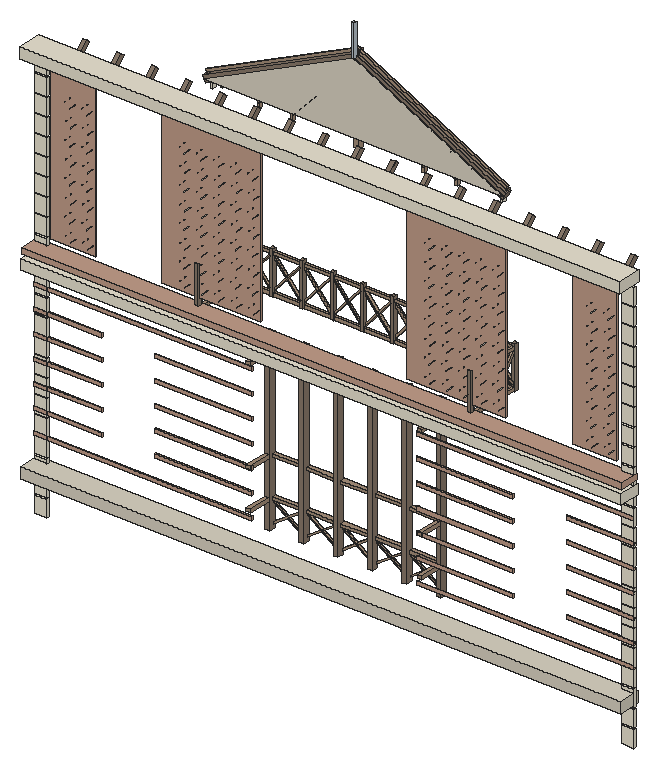
Revit family "AM_Detail_02_Rear_balcony_facade__observed", category Generic Models, Revit 2025 (continued)
Forms (mm)
  Extrusion 493, solid, material "AM Ivory carved stone"
    sketch origin (-3100, 6031, 7765) x (0, 0, -1) y (1, 0, 0)
      loop
        line (0, 0) -> (55, -55) -> (110, 0) -> (55, 55) -> (0, 0)
    from 0 to 9
  Extrusion 494, solid, material "AM Ivory carved stone"
    sketch origin (-3100, 6031, 7985) x (0, 0, -1) y (1, 0, 0)
      loop
        line (0, 0) -> (55, -55) -> (110, 0) -> (55, 55) -> (0, 0)
    from 0 to 9
  Extrusion 495, solid, material "AM Ivory carved stone"
    sketch origin (-3500, 6031, 7985) x (0, 0, -1) y (1, 0, 0)
      loop
        line (0, 0) -> (165, -165) -> (330, 0) -> (165, 165) -> (0, 0)
    from 0 to 9
  Extrusion 496, solid, material "AM Ivory carved stone"
    sketch origin (-3390, 6031, 7875) x (0, 0, -1) y (1, 0, 0)
      loop
        line (0, 0) -> (55, -55) -> (110, 0) -> (55, 55) -> (0, 0)
    from 0 to 9
  Extrusion 497, solid, material "AM Ivory carved stone"
    sketch origin (-3610, 6031, 7875) x (0, 0, -1) y (1, 0, 0)
      loop
        line (0, 0) -> (55, -55) -> (110, 0) -> (55, 55) -> (0, 0)
    from 0 to 9
  Extrusion 498, solid, material "AM Ivory carved stone"
    sketch origin (-3500, 6031, 7765) x (0, 0, -1) y (1, 0, 0)
      loop
        line (0, 0) -> (55, -55) -> (110, 0) -> (55, 55) -> (0, 0)
    from 0 to 9
  Extrusion 499, solid, material "AM Ivory carved stone"
    sketch origin (-3500, 6031, 7985) x (0, 0, -1) y (1, 0, 0)
      loop
        line (0, 0) -> (55, -55) -> (110, 0) -> (55, 55) -> (0, 0)
    from 0 to 9
  Extrusion 500, solid, material "AM Ivory carved stone"
    sketch origin (-1920, 6031, 8385) x (0, 0, -1) y (1, 0, 0)
      loop
        line (0, 0) -> (165, -165) -> (330, 0) -> (165, 165) -> (0, 0)
    from 0 to 9
  Extrusion 501, solid, material "AM Ivory carved stone"
    sketch origin (-1810, 6031, 8275) x (0, 0, -1) y (1, 0, 0)
      loop
        line (0, 0) -> (54.999, -55) -> (110, 0) -> (54.999, 55) -> (0, 0)
    from 0 to 9
  Extrusion 502, solid, material "AM Ivory carved stone"
    sketch origin (-2030, 6031, 8275) x (0, 0, -1) y (1, 0, 0)
      loop
        line (0, 0) -> (54.999, -55) -> (110, 0) -> (54.999, 55) -> (0, 0)
    from 0 to 9
  Extrusion 503, solid, material "AM Ivory carved stone"
    sketch origin (-1920, 6031, 8165) x (0, 0, -1) y (1, 0, 0)
      loop
        line (0, 0) -> (55, -55) -> (110, 0) -> (55, 55) -> (0, 0)
    from 0 to 9
  Extrusion 504, solid, material "AM Ivory carved stone"
    sketch origin (-1920, 6031, 8385) x (0, 0, -1) y (1, 0, 0)
      loop
        line (0, 0) -> (55, -55) -> (110.001, 0) -> (55, 55) -> (0, 0)
    from 0 to 9
  Extrusion 505, solid, material "AM Ivory carved stone"
    sketch origin (-2320, 6031, 8385) x (0, 0, -1) y (1, 0, 0)
      loop
        line (0, 0) -> (165, -165) -> (330, 0) -> (165, 165) -> (0, 0)
    from 0 to 9
  Extrusion 506, solid, material "AM Ivory carved stone"
    sketch origin (-2210, 6031, 8275) x (0, 0, -1) y (1, 0, 0)
      loop
        line (0, 0) -> (54.999, -55) -> (110, 0) -> (54.999, 55) -> (0, 0)
    from 0 to 9
  Extrusion 507, solid, material "AM Ivory carved stone"
    sketch origin (-2430, 6031, 8275) x (0, 0, -1) y (1, 0, 0)
      loop
        line (0, 0) -> (54.999, -55) -> (110, 0) -> (54.999, 55) -> (0, 0)
    from 0 to 9
  Extrusion 508, solid, material "AM Ivory carved stone"
    sketch origin (-2320, 6031, 8165) x (0, 0, -1) y (1, 0, 0)
      loop
        line (0, 0) -> (55, -55) -> (110, 0) -> (55, 55) -> (0, 0)
    from 0 to 9
  Extrusion 509, solid, material "AM Ivory carved stone"
    sketch origin (-2320, 6031, 8385) x (0, 0, -1) y (1, 0, 0)
      loop
        line (0, 0) -> (55, -55) -> (110.001, 0) -> (55, 55) -> (0, 0)
    from 0 to 9
  Extrusion 510, solid, material "AM Ivory carved stone"
    sketch origin (-2720, 6031, 8385) x (0, 0, -1) y (1, 0, 0)
      loop
        line (0, 0) -> (165, -165) -> (330, 0) -> (165, 165) -> (0, 0)
    from 0 to 9
  Extrusion 511, solid, material "AM Ivory carved stone"
    sketch origin (-2610, 6031, 8275) x (0, 0, -1) y (1, 0, 0)
      loop
        line (0, 0) -> (54.999, -55) -> (110, 0) -> (54.999, 55) -> (0, 0)
    from 0 to 9
  Extrusion 512, solid, material "AM Ivory carved stone"
    sketch origin (-2830, 6031, 8275) x (0, 0, -1) y (1, 0, 0)
      loop
        line (0, 0) -> (54.999, -55) -> (110, 0) -> (54.999, 55) -> (0, 0)
    from 0 to 9
  Extrusion 513, solid, material "AM Ivory carved stone"
    sketch origin (-2720, 6031, 8165) x (0, 0, -1) y (1, 0, 0)
      loop
        line (0, 0) -> (55, -55) -> (110, 0) -> (55, 55) -> (0, 0)
    from 0 to 9
  Extrusion 514, solid, material "AM Ivory carved stone"
    sketch origin (-2720, 6031, 8385) x (0, 0, -1) y (1, 0, 0)
      loop
        line (0, 0) -> (55, -55) -> (110.001, 0) -> (55, 55) -> (0, 0)
    from 0 to 9
  Extrusion 515, solid, material "AM Ivory carved stone"
    sketch origin (-3120, 6031, 8385) x (0, 0, -1) y (1, 0, 0)
      loop
        line (0, 0) -> (165, -165) -> (330, 0) -> (165, 165) -> (0, 0)
    from 0 to 9
  Extrusion 516, solid, material "AM Ivory carved stone"
    sketch origin (-3010, 6031, 8275) x (0, 0, -1) y (1, 0, 0)
      loop
        line (0, 0) -> (54.999, -55) -> (110, 0) -> (54.999, 55) -> (0, 0)
    from 0 to 9
  Extrusion 517, solid, material "AM Ivory carved stone"
    sketch origin (-3230, 6031, 8275) x (0, 0, -1) y (1, 0, 0)
      loop
        line (0, 0) -> (54.999, -55) -> (110, 0) -> (54.999, 55) -> (0, 0)
    from 0 to 9
  Extrusion 518, solid, material "AM Ivory carved stone"
    sketch origin (-3120, 6031, 8165) x (0, 0, -1) y (1, 0, 0)
      loop
        line (0, 0) -> (55, -55) -> (110, 0) -> (55, 55) -> (0, 0)
    from 0 to 9
  Extrusion 519, solid, material "AM Ivory carved stone"
    sketch origin (-3120, 6031, 8385) x (0, 0, -1) y (1, 0, 0)
      loop
        line (0, 0) -> (55, -55) -> (110.001, 0) -> (55, 55) -> (0, 0)
    from 0 to 9
  Extrusion 520, solid, material "AM Ivory carved stone"
    sketch origin (-3520, 6031, 8385) x (0, 0, -1) y (1, 0, 0)
      loop
        line (0, 0) -> (165, -165) -> (330, 0) -> (165, 165) -> (0, 0)
    from 0 to 9
  Extrusion 521, solid, material "AM Ivory carved stone"
    sketch origin (-3410, 6031, 8275) x (0, 0, -1) y (1, 0, 0)
      loop
        line (0, 0) -> (54.999, -55) -> (110, 0) -> (54.999, 55) -> (0, 0)
    from 0 to 9
  Extrusion 522, solid, material "AM Ivory carved stone"
    sketch origin (-3630, 6031, 8275) x (0, 0, -1) y (1, 0, 0)
      loop
        line (0, 0) -> (54.999, -55) -> (110, 0) -> (54.999, 55) -> (0, 0)
    from 0 to 9
  Extrusion 523, solid, material "AM Ivory carved stone"
    sketch origin (-3520, 6031, 8165) x (0, 0, -1) y (1, 0, 0)
      loop
        line (0, 0) -> (55, -55) -> (110, 0) -> (55, 55) -> (0, 0)
    from 0 to 9
  Extrusion 524, solid, material "AM Ivory carved stone"
    sketch origin (-3520, 6031, 8385) x (0, 0, -1) y (1, 0, 0)
      loop
        line (0, 0) -> (55, -55) -> (110.001, 0) -> (55, 55) -> (0, 0)
    from 0 to 9
  Extrusion 525, solid, material "AM Ivory carved stone"
    sketch origin (-1900, 6031, 8785) x (0, 0, -1) y (1, 0, 0)
      loop
        line (0, 0) -> (165, -165) -> (330, 0) -> (165, 165) -> (0, 0)
    from 0 to 9
  Extrusion 526, solid, material "AM Ivory carved stone"
    sketch origin (-1790, 6031, 8675) x (0, 0, -1) y (1, 0, 0)
      loop
        line (0, 0) -> (55, -55) -> (110.001, 0) -> (55, 55) -> (0, 0)
    from 0 to 9
  Extrusion 527, solid, material "AM Ivory carved stone"
    sketch origin (-2010, 6031, 8675) x (0, 0, -1) y (1, 0, 0)
      loop
        line (0, 0) -> (55, -55) -> (110.001, 0) -> (55, 55) -> (0, 0)
    from 0 to 9
  Extrusion 528, solid, material "AM Ivory carved stone"
    sketch origin (-1900, 6031, 8565) x (0, 0, -1) y (1, 0, 0)
      loop
        line (0, 0) -> (54.999, -55) -> (110, 0) -> (54.999, 55) -> (0, 0)
    from 0 to 9
  Extrusion 529, solid, material "AM Ivory carved stone"
    sketch origin (-1900, 6031, 8785) x (0, 0, -1) y (1, 0, 0)
      loop
        line (0, 0) -> (55, -55) -> (110, 0) -> (55, 55) -> (0, 0)
    from 0 to 9
  Extrusion 530, solid, material "AM Ivory carved stone"
    sketch origin (-2300, 6031, 8785) x (0, 0, -1) y (1, 0, 0)
      loop
        line (0, 0) -> (165, -165) -> (330, 0) -> (165, 165) -> (0, 0)
    from 0 to 9
  Extrusion 531, solid, material "AM Ivory carved stone"
    sketch origin (-2190, 6031, 8675) x (0, 0, -1) y (1, 0, 0)
      loop
        line (0, 0) -> (55, -55) -> (110.001, 0) -> (55, 55) -> (0, 0)
    from 0 to 9
  Extrusion 532, solid, material "AM Ivory carved stone"
    sketch origin (-2410, 6031, 8675) x (0, 0, -1) y (1, 0, 0)
      loop
        line (0, 0) -> (55, -55) -> (110.001, 0) -> (55, 55) -> (0, 0)
    from 0 to 9
  Extrusion 533, solid, material "AM Ivory carved stone"
    sketch origin (-2300, 6031, 8565) x (0, 0, -1) y (1, 0, 0)
      loop
        line (0, 0) -> (54.999, -55) -> (110, 0) -> (54.999, 55) -> (0, 0)
    from 0 to 9
  Extrusion 534, solid, material "AM Ivory carved stone"
    sketch origin (-2300, 6031, 8785) x (0, 0, -1) y (1, 0, 0)
      loop
        line (0, 0) -> (55, -55) -> (110, 0) -> (55, 55) -> (0, 0)
    from 0 to 9
  Extrusion 535, solid, material "AM Ivory carved stone"
    sketch origin (-2700, 6031, 8785) x (0, 0, -1) y (1, 0, 0)
      loop
        line (0, 0) -> (165, -165) -> (330, 0) -> (165, 165) -> (0, 0)
    from 0 to 9
  Extrusion 536, solid, material "AM Ivory carved stone"
    sketch origin (-2590, 6031, 8675) x (0, 0, -1) y (1, 0, 0)
      loop
        line (0, 0) -> (55, -55) -> (110.001, 0) -> (55, 55) -> (0, 0)
    from 0 to 9
  Extrusion 537, solid, material "AM Ivory carved stone"
    sketch origin (-2810, 6031, 8675) x (0, 0, -1) y (1, 0, 0)
      loop
        line (0, 0) -> (55, -55) -> (110.001, 0) -> (55, 55) -> (0, 0)
    from 0 to 9
  Extrusion 538, solid, material "AM Ivory carved stone"
    sketch origin (-2700, 6031, 8565) x (0, 0, -1) y (1, 0, 0)
      loop
        line (0, 0) -> (54.999, -55) -> (110, 0) -> (54.999, 55) -> (0, 0)
    from 0 to 9
  Extrusion 539, solid, material "AM Ivory carved stone"
    sketch origin (-2700, 6031, 8785) x (0, 0, -1) y (1, 0, 0)
      loop
        line (0, 0) -> (55, -55) -> (110, 0) -> (55, 55) -> (0, 0)
    from 0 to 9
  Extrusion 540, solid, material "AM Ivory carved stone"
    sketch origin (-3100, 6031, 8785) x (0, 0, -1) y (1, 0, 0)
      loop
        line (0, 0) -> (165, -165) -> (330, 0) -> (165, 165) -> (0, 0)
    from 0 to 9
  Extrusion 541, solid, material "AM Ivory carved stone"
    sketch origin (-2990, 6031, 8675) x (0, 0, -1) y (1, 0, 0)
      loop
        line (0, 0) -> (55, -55) -> (110.001, 0) -> (55, 55) -> (0, 0)
    from 0 to 9
  Extrusion 542, solid, material "AM Ivory carved stone"
    sketch origin (-3210, 6031, 8675) x (0, 0, -1) y (1, 0, 0)
      loop
        line (0, 0) -> (55, -55) -> (110.001, 0) -> (55, 55) -> (0, 0)
    from 0 to 9
  Extrusion 543, solid, material "AM Ivory carved stone"
    sketch origin (-3100, 6031, 8565) x (0, 0, -1) y (1, 0, 0)
      loop
        line (0, 0) -> (54.999, -55) -> (110, 0) -> (54.999, 55) -> (0, 0)
    from 0 to 9
  Extrusion 544, solid, material "AM Ivory carved stone"
    sketch origin (-3100, 6031, 8785) x (0, 0, -1) y (1, 0, 0)
      loop
        line (0, 0) -> (55, -55) -> (110, 0) -> (55, 55) -> (0, 0)
    from 0 to 9
  Extrusion 545, solid, material "AM Ivory carved stone"
    sketch origin (-3500, 6031, 8785) x (0, 0, -1) y (1, 0, 0)
      loop
        line (0, 0) -> (165, -165) -> (330, 0) -> (165, 165) -> (0, 0)
    from 0 to 9
  Extrusion 546, solid, material "AM Ivory carved stone"
    sketch origin (-3390, 6031, 8675) x (0, 0, -1) y (1, 0, 0)
      loop
        line (0, 0) -> (55, -55) -> (110.001, 0) -> (55, 55) -> (0, 0)
    from 0 to 9
  Extrusion 547, solid, material "AM Ivory carved stone"
    sketch origin (-3610, 6031, 8675) x (0, 0, -1) y (1, 0, 0)
      loop
        line (0, 0) -> (55, -55) -> (110.001, 0) -> (55, 55) -> (0, 0)
    from 0 to 9
  Extrusion 548, solid, material "AM Ivory carved stone"
    sketch origin (-3500, 6031, 8565) x (0, 0, -1) y (1, 0, 0)
      loop
        line (0, 0) -> (54.999, -55) -> (110, 0) -> (54.999, 55) -> (0, 0)
    from 0 to 9
  Extrusion 549, solid, material "AM Ivory carved stone"
    sketch origin (-3500, 6031, 8785) x (0, 0, -1) y (1, 0, 0)
      loop
        line (0, 0) -> (55, -55) -> (110, 0) -> (55, 55) -> (0, 0)
    from 0 to 9
  Extrusion 550, solid, material "AM Ivory carved stone"
    sketch origin (-1920, 6031, 9185) x (0, 0, -1) y (1, 0, 0)
      loop
        line (0, 0) -> (165, -165) -> (330.001, 0) -> (165, 165) -> (0, 0)
    from 0 to 9
  Extrusion 551, solid, material "AM Ivory carved stone"
    sketch origin (-1810, 6031, 9075) x (0, 0, -1) y (1, 0, 0)
      loop
        line (0, 0) -> (54.999, -55) -> (110, 0) -> (54.999, 55) -> (0, 0)
    from 0 to 9
  Extrusion 552, solid, material "AM Ivory carved stone"
    sketch origin (-2030, 6031, 9075) x (0, 0, -1) y (1, 0, 0)
      loop
        line (0, 0) -> (54.999, -55) -> (110, 0) -> (54.999, 55) -> (0, 0)
    from 0 to 9
  Extrusion 553, solid, material "AM Ivory carved stone"
    sketch origin (-1920, 6031, 8965) x (0, 0, -1) y (1, 0, 0)
      loop
        line (0, 0) -> (55, -55) -> (110.001, 0) -> (55, 55) -> (0, 0)
    from 0 to 9
  Extrusion 554, solid, material "AM Ivory carved stone"
    sketch origin (-1920, 6031, 9185) x (0, 0, -1) y (1, 0, 0)
      loop
        line (0, 0) -> (55, -55) -> (110.001, 0) -> (55, 55) -> (0, 0)
    from 0 to 9
  Extrusion 555, solid, material "AM Ivory carved stone"
    sketch origin (-2320, 6031, 9185) x (0, 0, -1) y (1, 0, 0)
      loop
        line (0, 0) -> (165, -165) -> (330.001, 0) -> (165, 165) -> (0, 0)
    from 0 to 9
  Extrusion 556, solid, material "AM Ivory carved stone"
    sketch origin (-2210, 6031, 9075) x (0, 0, -1) y (1, 0, 0)
      loop
        line (0, 0) -> (54.999, -55) -> (110, 0) -> (54.999, 55) -> (0, 0)
    from 0 to 9
  Extrusion 557, solid, material "AM Ivory carved stone"
    sketch origin (-2430, 6031, 9075) x (0, 0, -1) y (1, 0, 0)
      loop
        line (0, 0) -> (54.999, -55) -> (110, 0) -> (54.999, 55) -> (0, 0)
    from 0 to 9
  Extrusion 558, solid, material "AM Ivory carved stone"
    sketch origin (-2320, 6031, 8965) x (0, 0, -1) y (1, 0, 0)
      loop
        line (0, 0) -> (55, -55) -> (110.001, 0) -> (55, 55) -> (0, 0)
    from 0 to 9
  Extrusion 559, solid, material "AM Ivory carved stone"
    sketch origin (-2320, 6031, 9185) x (0, 0, -1) y (1, 0, 0)
      loop
        line (0, 0) -> (55, -55) -> (110.001, 0) -> (55, 55) -> (0, 0)
    from 0 to 9
  Extrusion 560, solid, material "AM Ivory carved stone"
    sketch origin (-2720, 6031, 9185) x (0, 0, -1) y (1, 0, 0)
      loop
        line (0, 0) -> (165, -165) -> (330.001, 0) -> (165, 165) -> (0, 0)
    from 0 to 9
  Extrusion 561, solid, material "AM Ivory carved stone"
    sketch origin (-2610, 6031, 9075) x (0, 0, -1) y (1, 0, 0)
      loop
        line (0, 0) -> (54.999, -55) -> (110, 0) -> (54.999, 55) -> (0, 0)
    from 0 to 9
  Extrusion 562, solid, material "AM Ivory carved stone"
    sketch origin (-2830, 6031, 9075) x (0, 0, -1) y (1, 0, 0)
      loop
        line (0, 0) -> (54.999, -55) -> (110, 0) -> (54.999, 55) -> (0, 0)
    from 0 to 9
  Extrusion 563, solid, material "AM Ivory carved stone"
    sketch origin (-2720, 6031, 8965) x (0, 0, -1) y (1, 0, 0)
      loop
        line (0, 0) -> (55, -55) -> (110.001, 0) -> (55, 55) -> (0, 0)
    from 0 to 9
  Extrusion 564, solid, material "AM Ivory carved stone"
    sketch origin (-2720, 6031, 9185) x (0, 0, -1) y (1, 0, 0)
      loop
        line (0, 0) -> (55, -55) -> (110.001, 0) -> (55, 55) -> (0, 0)
    from 0 to 9
  Extrusion 565, solid, material "AM Ivory carved stone"
    sketch origin (-3120, 6031, 9185) x (0, 0, -1) y (1, 0, 0)
      loop
        line (0, 0) -> (165, -165) -> (330.001, 0) -> (165, 165) -> (0, 0)
    from 0 to 9
  Extrusion 566, solid, material "AM Ivory carved stone"
    sketch origin (-3010, 6031, 9075) x (0, 0, -1) y (1, 0, 0)
      loop
        line (0, 0) -> (54.999, -55) -> (110, 0) -> (54.999, 55) -> (0, 0)
    from 0 to 9
  Extrusion 567, solid, material "AM Ivory carved stone"
    sketch origin (-3230, 6031, 9075) x (0, 0, -1) y (1, 0, 0)
      loop
        line (0, 0) -> (54.999, -55) -> (110, 0) -> (54.999, 55) -> (0, 0)
    from 0 to 9
  Extrusion 568, solid, material "AM Ivory carved stone"
    sketch origin (-3120, 6031, 8965) x (0, 0, -1) y (1, 0, 0)
      loop
        line (0, 0) -> (55, -55) -> (110.001, 0) -> (55, 55) -> (0, 0)
    from 0 to 9
  Extrusion 569, solid, material "AM Ivory carved stone"
    sketch origin (-3120, 6031, 9185) x (0, 0, -1) y (1, 0, 0)
      loop
        line (0, 0) -> (55, -55) -> (110.001, 0) -> (55, 55) -> (0, 0)
    from 0 to 9
  Extrusion 570, solid, material "AM Ivory carved stone"
    sketch origin (-3520, 6031, 9185) x (0, 0, -1) y (1, 0, 0)
      loop
        line (0, 0) -> (165, -165) -> (330.001, 0) -> (165, 165) -> (0, 0)
    from 0 to 9
  Extrusion 571, solid, material "AM Ivory carved stone"
    sketch origin (-3410, 6031, 9075) x (0, 0, -1) y (1, 0, 0)
      loop
        line (0, 0) -> (54.999, -55) -> (110, 0) -> (54.999, 55) -> (0, 0)
    from 0 to 9
  Extrusion 572, solid, material "AM Ivory carved stone"
    sketch origin (-3630, 6031, 9075) x (0, 0, -1) y (1, 0, 0)
      loop
        line (0, 0) -> (54.999, -55) -> (110, 0) -> (54.999, 55) -> (0, 0)
    from 0 to 9
  Extrusion 573, solid, material "AM Ivory carved stone"
    sketch origin (-3520, 6031, 8965) x (0, 0, -1) y (1, 0, 0)
      loop
        line (0, 0) -> (55, -55) -> (110.001, 0) -> (55, 55) -> (0, 0)
    from 0 to 9
  Extrusion 574, solid, material "AM Ivory carved stone"
    sketch origin (-3520, 6031, 9185) x (0, 0, -1) y (1, 0, 0)
      loop
        line (0, 0) -> (55, -55) -> (110.001, 0) -> (55, 55) -> (0, 0)
    from 0 to 9
  Extrusion 575, solid, material "AM Faded terracotta masonry"
    sketch origin (-5570, 6022.5, 6000) x (1, 0, 0) y (0, 1, 0)
      loop
        line (0, 0) -> (-1030, 0) -> (-1030, -25) -> (0, -25) -> (0, 0)
    from 0 to 3550
  Extrusion 576, solid, material "AM Ivory carved stone"
    sketch origin (-5770, 6031, 6385) x (0, 0, -1) y (1, 0, 0)
      loop
        line (0, 0) -> (165, -165) -> (330, 0) -> (165, 165) -> (0, 0)
    from 0 to 9
  Extrusion 577, solid, material "AM Ivory carved stone"
    sketch origin (-5660, 6031, 6275) x (0, 0, -1) y (1, 0, 0)
      loop
        line (0, 0) -> (55, -55) -> (110, 0) -> (55, 55) -> (0, 0)
    from 0 to 9
  Extrusion 578, solid, material "AM Ivory carved stone"
    sketch origin (-5880, 6031, 6275) x (0, 0, -1) y (1, 0, 0)
      loop
        line (0, 0) -> (55, -55) -> (110, 0) -> (55, 55) -> (0, 0)
    from 0 to 9
  Extrusion 579, solid, material "AM Ivory carved stone"
    sketch origin (-5770, 6031, 6165) x (0, 0, -1) y (1, 0, 0)
      loop
        line (0, 0) -> (55, -55) -> (110, 0) -> (55, 55) -> (0, 0)
    from 0 to 9
  Extrusion 580, solid, material "AM Ivory carved stone"
    sketch origin (-5770, 6031, 6385) x (0, 0, -1) y (1, 0, 0)
      loop
        line (0, 0) -> (55, -55) -> (110, 0) -> (55, 55) -> (0, 0)
    from 0 to 9
  Extrusion 581, solid, material "AM Ivory carved stone"
    sketch origin (-6170, 6031, 6385) x (0, 0, -1) y (1, 0, 0)
      loop
        line (0, 0) -> (165, -165) -> (330, 0) -> (165, 165) -> (0, 0)
    from 0 to 9
  Extrusion 582, solid, material "AM Ivory carved stone"
    sketch origin (-6060, 6031, 6275) x (0, 0, -1) y (1, 0, 0)
      loop
        line (0, 0) -> (55, -55) -> (110, 0) -> (55, 55) -> (0, 0)
    from 0 to 9
  Extrusion 583, solid, material "AM Ivory carved stone"
    sketch origin (-6280, 6031, 6275) x (0, 0, -1) y (1, 0, 0)
      loop
        line (0, 0) -> (55, -55) -> (110, 0) -> (55, 55) -> (0, 0)
    from 0 to 9
  Extrusion 584, solid, material "AM Ivory carved stone"
    sketch origin (-6170, 6031, 6165) x (0, 0, -1) y (1, 0, 0)
      loop
        line (0, 0) -> (55, -55) -> (110, 0) -> (55, 55) -> (0, 0)
    from 0 to 9
  Extrusion 585, solid, material "AM Ivory carved stone"
    sketch origin (-6170, 6031, 6385) x (0, 0, -1) y (1, 0, 0)
      loop
        line (0, 0) -> (55, -55) -> (110, 0) -> (55, 55) -> (0, 0)
    from 0 to 9
  Extrusion 586, solid, material "AM Ivory carved stone"
    sketch origin (-5790, 6031, 6785) x (0, 0, -1) y (1, 0, 0)
      loop
        line (0, 0) -> (165, -165) -> (330, 0) -> (165, 165) -> (0, 0)
    from 0 to 9
  Extrusion 587, solid, material "AM Ivory carved stone"
    sketch origin (-5680, 6031, 6675) x (0, 0, -1) y (1, 0, 0)
      loop
        line (0, 0) -> (55, -55) -> (110, 0) -> (55, 55) -> (0, 0)
    from 0 to 9
  Extrusion 588, solid, material "AM Ivory carved stone"
    sketch origin (-5900, 6031, 6675) x (0, 0, -1) y (1, 0, 0)
      loop
        line (0, 0) -> (55, -55) -> (110, 0) -> (55, 55) -> (0, 0)
    from 0 to 9
  Extrusion 589, solid, material "AM Ivory carved stone"
    sketch origin (-5790, 6031, 6565) x (0, 0, -1) y (1, 0, 0)
      loop
        line (0, 0) -> (55, -55) -> (110, 0) -> (55, 55) -> (0, 0)
    from 0 to 9
  Extrusion 590, solid, material "AM Ivory carved stone"
    sketch origin (-5790, 6031, 6785) x (0, 0, -1) y (1, 0, 0)
      loop
        line (0, 0) -> (55, -55) -> (110, 0) -> (55, 55) -> (0, 0)
    from 0 to 9
  Extrusion 591, solid, material "AM Ivory carved stone"
    sketch origin (-6190, 6031, 6785) x (0, 0, -1) y (1, 0, 0)
      loop
        line (0, 0) -> (165, -165) -> (330, 0) -> (165, 165) -> (0, 0)
    from 0 to 9
  Extrusion 592, solid, material "AM Ivory carved stone"
    sketch origin (-6080, 6031, 6675) x (0, 0, -1) y (1, 0, 0)
      loop
        line (0, 0) -> (55, -55) -> (110, 0) -> (55, 55) -> (0, 0)
    from 0 to 9
  Extrusion 593, solid, material "AM Ivory carved stone"
    sketch origin (-6300, 6031, 6675) x (0, 0, -1) y (1, 0, 0)
      loop
        line (0, 0) -> (55, -55) -> (110, 0) -> (55, 55) -> (0, 0)
    from 0 to 9
  Extrusion 594, solid, material "AM Ivory carved stone"
    sketch origin (-6190, 6031, 6565) x (0, 0, -1) y (1, 0, 0)
      loop
        line (0, 0) -> (55, -55) -> (110, 0) -> (55, 55) -> (0, 0)
    from 0 to 9
  Extrusion 595, solid, material "AM Ivory carved stone"
    sketch origin (-6190, 6031, 6785) x (0, 0, -1) y (1, 0, 0)
      loop
        line (0, 0) -> (55, -55) -> (110, 0) -> (55, 55) -> (0, 0)
    from 0 to 9
  Extrusion 596, solid, material "AM Ivory carved stone"
    sketch origin (-5770, 6031, 7185) x (0, 0, -1) y (1, 0, 0)
      loop
        line (0, 0) -> (165, -165) -> (330, 0) -> (165, 165) -> (0, 0)
    from 0 to 9
  Extrusion 597, solid, material "AM Ivory carved stone"
    sketch origin (-5660, 6031, 7075) x (0, 0, -1) y (1, 0, 0)
      loop
        line (0, 0) -> (55, -55) -> (110, 0) -> (55, 55) -> (0, 0)
    from 0 to 9
  Extrusion 598, solid, material "AM Ivory carved stone"
    sketch origin (-5880, 6031, 7075) x (0, 0, -1) y (1, 0, 0)
      loop
        line (0, 0) -> (55, -55) -> (110, 0) -> (55, 55) -> (0, 0)
    from 0 to 9
  Extrusion 599, solid, material "AM Ivory carved stone"
    sketch origin (-5770, 6031, 6965) x (0, 0, -1) y (1, 0, 0)
      loop
        line (0, 0) -> (55, -55) -> (110, 0) -> (55, 55) -> (0, 0)
    from 0 to 9
  Extrusion 600, solid, material "AM Ivory carved stone"
    sketch origin (-5770, 6031, 7185) x (0, 0, -1) y (1, 0, 0)
      loop
        line (0, 0) -> (55, -55) -> (110, 0) -> (55, 55) -> (0, 0)
    from 0 to 9
  Extrusion 601, solid, material "AM Ivory carved stone"
    sketch origin (-6170, 6031, 7185) x (0, 0, -1) y (1, 0, 0)
      loop
        line (0, 0) -> (165, -165) -> (330, 0) -> (165, 165) -> (0, 0)
    from 0 to 9
  Extrusion 602, solid, material "AM Ivory carved stone"
    sketch origin (-6060, 6031, 7075) x (0, 0, -1) y (1, 0, 0)
      loop
        line (0, 0) -> (55, -55) -> (110, 0) -> (55, 55) -> (0, 0)
    from 0 to 9
  Extrusion 603, solid, material "AM Ivory carved stone"
    sketch origin (-6280, 6031, 7075) x (0, 0, -1) y (1, 0, 0)
      loop
        line (0, 0) -> (55, -55) -> (110, 0) -> (55, 55) -> (0, 0)
    from 0 to 9
  Extrusion 604, solid, material "AM Ivory carved stone"
    sketch origin (-6170, 6031, 6965) x (0, 0, -1) y (1, 0, 0)
      loop
        line (0, 0) -> (55, -55) -> (110, 0) -> (55, 55) -> (0, 0)
    from 0 to 9
  Extrusion 605, solid, material "AM Ivory carved stone"
    sketch origin (-6170, 6031, 7185) x (0, 0, -1) y (1, 0, 0)
      loop
        line (0, 0) -> (55, -55) -> (110, 0) -> (55, 55) -> (0, 0)
    from 0 to 9
  Extrusion 606, solid, material "AM Ivory carved stone"
    sketch origin (-5790, 6031, 7585) x (0, 0, -1) y (1, 0, 0)
      loop
        line (0, 0) -> (165, -165) -> (330, 0) -> (165, 165) -> (0, 0)
    from 0 to 9
  Extrusion 607, solid, material "AM Ivory carved stone"
    sketch origin (-5680, 6031, 7475) x (0, 0, -1) y (1, 0, 0)
      loop
        line (0, 0) -> (55, -55) -> (110, 0) -> (55, 55) -> (0, 0)
    from 0 to 9
  Extrusion 608, solid, material "AM Ivory carved stone"
    sketch origin (-5900, 6031, 7475) x (0, 0, -1) y (1, 0, 0)
      loop
        line (0, 0) -> (55, -55) -> (110, 0) -> (55, 55) -> (0, 0)
    from 0 to 9
  Extrusion 609, solid, material "AM Ivory carved stone"
    sketch origin (-5790, 6031, 7365) x (0, 0, -1) y (1, 0, 0)
      loop
        line (0, 0) -> (55, -55) -> (110, 0) -> (55, 55) -> (0, 0)
    from 0 to 9
  Extrusion 610, solid, material "AM Ivory carved stone"
    sketch origin (-5790, 6031, 7585) x (0, 0, -1) y (1, 0, 0)
      loop
        line (0, 0) -> (55, -55) -> (110, 0) -> (55, 55) -> (0, 0)
    from 0 to 9
  Extrusion 611, solid, material "AM Ivory carved stone"
    sketch origin (-6190, 6031, 7585) x (0, 0, -1) y (1, 0, 0)
      loop
        line (0, 0) -> (165, -165) -> (330, 0) -> (165, 165) -> (0, 0)
    from 0 to 9
  Extrusion 612, solid, material "AM Ivory carved stone"
    sketch origin (-6080, 6031, 7475) x (0, 0, -1) y (1, 0, 0)
      loop
        line (0, 0) -> (55, -55) -> (110, 0) -> (55, 55) -> (0, 0)
    from 0 to 9
  Extrusion 613, solid, material "AM Ivory carved stone"
    sketch origin (-6300, 6031, 7475) x (0, 0, -1) y (1, 0, 0)
      loop
        line (0, 0) -> (55, -55) -> (110, 0) -> (55, 55) -> (0, 0)
    from 0 to 9
  Extrusion 614, solid, material "AM Ivory carved stone"
    sketch origin (-6190, 6031, 7365) x (0, 0, -1) y (1, 0, 0)
      loop
        line (0, 0) -> (55, -55) -> (110, 0) -> (55, 55) -> (0, 0)
    from 0 to 9
  Extrusion 615, solid, material "AM Ivory carved stone"
    sketch origin (-6190, 6031, 7585) x (0, 0, -1) y (1, 0, 0)
      loop
        line (0, 0) -> (55, -55) -> (110, 0) -> (55, 55) -> (0, 0)
    from 0 to 9
  Extrusion 616, solid, material "AM Ivory carved stone"
    sketch origin (-5770, 6031, 7985) x (0, 0, -1) y (1, 0, 0)
      loop
        line (0, 0) -> (165, -165) -> (330, 0) -> (165, 165) -> (0, 0)
    from 0 to 9
  Extrusion 617, solid, material "AM Ivory carved stone"
    sketch origin (-5660, 6031, 7875) x (0, 0, -1) y (1, 0, 0)
      loop
        line (0, 0) -> (55, -55) -> (110, 0) -> (55, 55) -> (0, 0)
    from 0 to 9
  Extrusion 618, solid, material "AM Ivory carved stone"
    sketch origin (-5880, 6031, 7875) x (0, 0, -1) y (1, 0, 0)
      loop
        line (0, 0) -> (55, -55) -> (110, 0) -> (55, 55) -> (0, 0)
    from 0 to 9
  Extrusion 619, solid, material "AM Ivory carved stone"
    sketch origin (-5770, 6031, 7765) x (0, 0, -1) y (1, 0, 0)
      loop
        line (0, 0) -> (55, -55) -> (110, 0) -> (55, 55) -> (0, 0)
    from 0 to 9
  Extrusion 620, solid, material "AM Ivory carved stone"
    sketch origin (-5770, 6031, 7985) x (0, 0, -1) y (1, 0, 0)
      loop
        line (0, 0) -> (55, -55) -> (110, 0) -> (55, 55) -> (0, 0)
    from 0 to 9
  Extrusion 621, solid, material "AM Ivory carved stone"
    sketch origin (-6170, 6031, 7985) x (0, 0, -1) y (1, 0, 0)
      loop
        line (0, 0) -> (165, -165) -> (330, 0) -> (165, 165) -> (0, 0)
    from 0 to 9
  Extrusion 622, solid, material "AM Ivory carved stone"
    sketch origin (-6060, 6031, 7875) x (0, 0, -1) y (1, 0, 0)
      loop
        line (0, 0) -> (55, -55) -> (110, 0) -> (55, 55) -> (0, 0)
    from 0 to 9
  Extrusion 623, solid, material "AM Ivory carved stone"
    sketch origin (-6280, 6031, 7875) x (0, 0, -1) y (1, 0, 0)
      loop
        line (0, 0) -> (55, -55) -> (110, 0) -> (55, 55) -> (0, 0)
    from 0 to 9
  Extrusion 624, solid, material "AM Ivory carved stone"
    sketch origin (-6170, 6031, 7765) x (0, 0, -1) y (1, 0, 0)
      loop
        line (0, 0) -> (55, -55) -> (110, 0) -> (55, 55) -> (0, 0)
    from 0 to 9
  Extrusion 625, solid, material "AM Ivory carved stone"
    sketch origin (-6170, 6031, 7985) x (0, 0, -1) y (1, 0, 0)
      loop
        line (0, 0) -> (55, -55) -> (110, 0) -> (55, 55) -> (0, 0)
    from 0 to 9
  Extrusion 626, solid, material "AM Ivory carved stone"
    sketch origin (-5790, 6031, 8385) x (0, 0, -1) y (1, 0, 0)
      loop
        line (0, 0) -> (165, -165) -> (330, 0) -> (165, 165) -> (0, 0)
    from 0 to 9
  Extrusion 627, solid, material "AM Ivory carved stone"
    sketch origin (-5680, 6031, 8275) x (0, 0, -1) y (1, 0, 0)
      loop
        line (0, 0) -> (54.999, -55) -> (110, 0) -> (54.999, 55) -> (0, 0)
    from 0 to 9
  Extrusion 628, solid, material "AM Ivory carved stone"
    sketch origin (-5900, 6031, 8275) x (0, 0, -1) y (1, 0, 0)
      loop
        line (0, 0) -> (54.999, -55) -> (110, 0) -> (54.999, 55) -> (0, 0)
    from 0 to 9
  Extrusion 629, solid, material "AM Ivory carved stone"
    sketch origin (-5790, 6031, 8165) x (0, 0, -1) y (1, 0, 0)
      loop
        line (0, 0) -> (55, -55) -> (110, 0) -> (55, 55) -> (0, 0)
    from 0 to 9
  Extrusion 630, solid, material "AM Ivory carved stone"
    sketch origin (-5790, 6031, 8385) x (0, 0, -1) y (1, 0, 0)
      loop
        line (0, 0) -> (55, -55) -> (110.001, 0) -> (55, 55) -> (0, 0)
    from 0 to 9
  Extrusion 631, solid, material "AM Ivory carved stone"
    sketch origin (-6190, 6031, 8385) x (0, 0, -1) y (1, 0, 0)
      loop
        line (0, 0) -> (165, -165) -> (330, 0) -> (165, 165) -> (0, 0)
    from 0 to 9
  Extrusion 632, solid, material "AM Ivory carved stone"
    sketch origin (-6080, 6031, 8275) x (0, 0, -1) y (1, 0, 0)
      loop
        line (0, 0) -> (54.999, -55) -> (110, 0) -> (54.999, 55) -> (0, 0)
    from 0 to 9
  Extrusion 633, solid, material "AM Ivory carved stone"
    sketch origin (-6300, 6031, 8275) x (0, 0, -1) y (1, 0, 0)
      loop
        line (0, 0) -> (54.999, -55) -> (110, 0) -> (54.999, 55) -> (0, 0)
    from 0 to 9
  Extrusion 634, solid, material "AM Ivory carved stone"
    sketch origin (-6190, 6031, 8165) x (0, 0, -1) y (1, 0, 0)
      loop
        line (0, 0) -> (55, -55) -> (110, 0) -> (55, 55) -> (0, 0)
    from 0 to 9
  Extrusion 635, solid, material "AM Ivory carved stone"
    sketch origin (-6190, 6031, 8385) x (0, 0, -1) y (1, 0, 0)
      loop
        line (0, 0) -> (55, -55) -> (110.001, 0) -> (55, 55) -> (0, 0)
    from 0 to 9
  Extrusion 636, solid, material "AM Ivory carved stone"
    sketch origin (-5770, 6031, 8785) x (0, 0, -1) y (1, 0, 0)
      loop
        line (0, 0) -> (165, -165) -> (330, 0) -> (165, 165) -> (0, 0)
    from 0 to 9
  Extrusion 637, solid, material "AM Ivory carved stone"
    sketch origin (-5660, 6031, 8675) x (0, 0, -1) y (1, 0, 0)
      loop
        line (0, 0) -> (55, -55) -> (110.001, 0) -> (55, 55) -> (0, 0)
    from 0 to 9
  Extrusion 638, solid, material "AM Ivory carved stone"
    sketch origin (-5880, 6031, 8675) x (0, 0, -1) y (1, 0, 0)
      loop
        line (0, 0) -> (55, -55) -> (110.001, 0) -> (55, 55) -> (0, 0)
    from 0 to 9
  Extrusion 639, solid, material "AM Ivory carved stone"
    sketch origin (-5770, 6031, 8565) x (0, 0, -1) y (1, 0, 0)
      loop
        line (0, 0) -> (54.999, -55) -> (110, 0) -> (54.999, 55) -> (0, 0)
    from 0 to 9
  Extrusion 640, solid, material "AM Ivory carved stone"
    sketch origin (-5770, 6031, 8785) x (0, 0, -1) y (1, 0, 0)
      loop
        line (0, 0) -> (55, -55) -> (110, 0) -> (55, 55) -> (0, 0)
    from 0 to 9
  Extrusion 641, solid, material "AM Ivory carved stone"
    sketch origin (-6170, 6031, 8785) x (0, 0, -1) y (1, 0, 0)
      loop
        line (0, 0) -> (165, -165) -> (330, 0) -> (165, 165) -> (0, 0)
    from 0 to 9
  Extrusion 642, solid, material "AM Ivory carved stone"
    sketch origin (-6060, 6031, 8675) x (0, 0, -1) y (1, 0, 0)
      loop
        line (0, 0) -> (55, -55) -> (110.001, 0) -> (55, 55) -> (0, 0)
    from 0 to 9
  Extrusion 643, solid, material "AM Ivory carved stone"
    sketch origin (-6280, 6031, 8675) x (0, 0, -1) y (1, 0, 0)
      loop
        line (0, 0) -> (55, -55) -> (110.001, 0) -> (55, 55) -> (0, 0)
    from 0 to 9
  Extrusion 644, solid, material "AM Ivory carved stone"
    sketch origin (-6170, 6031, 8565) x (0, 0, -1) y (1, 0, 0)
      loop
        line (0, 0) -> (54.999, -55) -> (110, 0) -> (54.999, 55) -> (0, 0)
    from 0 to 9
  Extrusion 645, solid, material "AM Ivory carved stone"
    sketch origin (-6170, 6031, 8785) x (0, 0, -1) y (1, 0, 0)
      loop
        line (0, 0) -> (55, -55) -> (110, 0) -> (55, 55) -> (0, 0)
    from 0 to 9
  Extrusion 646, solid, material "AM Ivory carved stone"
    sketch origin (-5790, 6031, 9185) x (0, 0, -1) y (1, 0, 0)
      loop
        line (0, 0) -> (165, -165) -> (330.001, 0) -> (165, 165) -> (0, 0)
    from 0 to 9
  Extrusion 647, solid, material "AM Ivory carved stone"
    sketch origin (-5680, 6031, 9075) x (0, 0, -1) y (1, 0, 0)
      loop
        line (0, 0) -> (54.999, -55) -> (110, 0) -> (54.999, 55) -> (0, 0)
    from 0 to 9
  Extrusion 648, solid, material "AM Ivory carved stone"
    sketch origin (-5900, 6031, 9075) x (0, 0, -1) y (1, 0, 0)
      loop
        line (0, 0) -> (54.999, -55) -> (110, 0) -> (54.999, 55) -> (0, 0)
    from 0 to 9
  Extrusion 649, solid, material "AM Ivory carved stone"
    sketch origin (-5790, 6031, 8965) x (0, 0, -1) y (1, 0, 0)
      loop
        line (0, 0) -> (55, -55) -> (110.001, 0) -> (55, 55) -> (0, 0)
    from 0 to 9
  Extrusion 650, solid, material "AM Ivory carved stone"
    sketch origin (-5790, 6031, 9185) x (0, 0, -1) y (1, 0, 0)
      loop
        line (0, 0) -> (55, -55) -> (110.001, 0) -> (55, 55) -> (0, 0)
    from 0 to 9
  Extrusion 651, solid, material "AM Ivory carved stone"
    sketch origin (-6190, 6031, 9185) x (0, 0, -1) y (1, 0, 0)
      loop
        line (0, 0) -> (165, -165) -> (330.001, 0) -> (165, 165) -> (0, 0)
    from 0 to 9
  Extrusion 652, solid, material "AM Ivory carved stone"
    sketch origin (-6080, 6031, 9075) x (0, 0, -1) y (1, 0, 0)
      loop
        line (0, 0) -> (54.999, -55) -> (110, 0) -> (54.999, 55) -> (0, 0)
    from 0 to 9
  Extrusion 653, solid, material "AM Ivory carved stone"
    sketch origin (-6300, 6031, 9075) x (0, 0, -1) y (1, 0, 0)
      loop
        line (0, 0) -> (54.999, -55) -> (110, 0) -> (54.999, 55) -> (0, 0)
    from 0 to 9
  Extrusion 654, solid, material "AM Ivory carved stone"
    sketch origin (-6190, 6031, 8965) x (0, 0, -1) y (1, 0, 0)
      loop
        line (0, 0) -> (55, -55) -> (110.001, 0) -> (55, 55) -> (0, 0)
    from 0 to 9
  Extrusion 655, solid, material "AM Ivory carved stone"
    sketch origin (-6190, 6031, 9185) x (0, 0, -1) y (1, 0, 0)
      loop
        line (0, 0) -> (55, -55) -> (110.001, 0) -> (55, 55) -> (0, 0)
    from 0 to 9
  Extrusion 656, solid, material "AM Carved warm timber"
    sketch origin (3180, 7332.5, 5717.5) x (0, -1, 0) y (0, 0, 1)
      loop
        line (0, 0) -> (65, 0) -> (65, 65) -> (0, 65) -> (0, 0)
    from 0 to 6360
  Extrusion 657, solid, material "AM Carved warm timber"
    sketch origin (3180, 7332.5, 6577.5) x (0, -1, 0) y (0, 0, 1)
      loop
        line (0, 0) -> (65, 0) -> (65, 65) -> (0, 65) -> (0, 0)
    from 0 to 6360
  Extrusion 658, solid, material "AM Aged chestnut timber"
    sketch origin (3215, 7335, 5700) x (1, 0, 0) y (0, 1, 0)
      loop
        line (0, 0) -> (-70, 0) -> (-70, -70) -> (0, -70) -> (0, 0)
    from 0 to 1000
  Extrusion 659, solid, material "AM Aged chestnut timber"
    sketch origin (2508.333, 7335, 5700) x (1, 0, 0) y (0, 1, 0)
      loop
        line (0, 0) -> (-70, 0) -> (-70, -70) -> (0, -70) -> (0, 0)
    from 0 to 1000
  Extrusion 660, solid, material "AM Aged chestnut timber"
    sketch origin (1801.667, 7335, 5700) x (1, 0, 0) y (0, 1, 0)
      loop
        line (0, 0) -> (-70, 0) -> (-70, -70) -> (0, -70) -> (0, 0)
    from 0 to 1000
  Extrusion 661, solid, material "AM Aged chestnut timber"
    sketch origin (1095, 7335, 5700) x (1, 0, 0) y (0, 1, 0)
      loop
        line (0, 0) -> (-70, 0) -> (-70, -70) -> (0, -70) -> (0, 0)
    from 0 to 1000
  Extrusion 662, solid, material "AM Aged chestnut timber"
    sketch origin (388.333, 7335, 5700) x (1, 0, 0) y (0, 1, 0)
      loop
        line (0, 0) -> (-70, 0) -> (-70, -70) -> (0, -70) -> (0, 0)
    from 0 to 1000
  Extrusion 663, solid, material "AM Aged chestnut timber"
    sketch origin (-318.333, 7335, 5700) x (1, 0, 0) y (0, 1, 0)
      loop
        line (0, 0) -> (-70, 0) -> (-70, -70) -> (0, -70) -> (0, 0)
    from 0 to 1000
  Extrusion 664, solid, material "AM Aged chestnut timber"
    sketch origin (-1025, 7335, 5700) x (1, 0, 0) y (0, 1, 0)
      loop
        line (0, 0) -> (-70, 0) -> (-70, -70) -> (0, -70) -> (0, 0)
    from 0 to 1000
  Extrusion 665, solid, material "AM Aged chestnut timber"
    sketch origin (-1731.667, 7335, 5700) x (1, 0, 0) y (0, 1, 0)
      loop
        line (0, 0) -> (-70, 0) -> (-70, -70) -> (0, -70) -> (0, 0)
    from 0 to 1000
  Extrusion 666, solid, material "AM Aged chestnut timber"
    sketch origin (-2438.333, 7335, 5700) x (1, 0, 0) y (0, 1, 0)
      loop
        line (0, 0) -> (-70, 0) -> (-70, -70) -> (0, -70) -> (0, 0)
    from 0 to 1000
  Extrusion 667, solid, material "AM Aged chestnut timber"
    sketch origin (-3145, 7335, 5700) x (1, 0, 0) y (0, 1, 0)
      loop
        line (0, 0) -> (-70, 0) -> (-70, -70) -> (0, -70) -> (0, 0)
    from 0 to 1000
  Extrusion 668, solid, material "AM Carved warm timber"
    sketch origin (3125.669, 7319, 5817.526) x (0.7543, 0, 0.65653) y (0, 1, 0)
      loop
        line (0, 0) -> (0, -38) -> (38, -38) -> (38, 0) -> (0, 0)
    from 0 to 954.522
  Extrusion 669, solid, material "AM Carved warm timber"
    sketch origin (3154.332, 7319, 6537.526) x (0.754303, 0, -0.656527) y (0, -1, 0)
      loop
        line (0, 0) -> (0, 38) -> (-38, 38) -> (-38, 0) -> (0, 0)
    from 0 to 954.522
  Extrusion 670, solid, material "AM Carved warm timber"
    sketch origin (2419.002, 7319, 5817.526) x (0.7543, 0, 0.65653) y (0, 1, 0)
      loop
        line (0, 0) -> (0, -38) -> (38, -38) -> (38, 0) -> (0, 0)
    from 0 to 954.522
  Extrusion 671, solid, material "AM Carved warm timber"
    sketch origin (2447.665, 7319, 6537.526) x (0.754303, 0, -0.656527) y (0, -1, 0)
      loop
        line (0, 0) -> (0, 38) -> (-38, 38) -> (-38, 0) -> (0, 0)
    from 0 to 954.522
  Extrusion 672, solid, material "AM Carved warm timber"
    sketch origin (1712.335, 7319, 5817.526) x (0.754303, 0, 0.656527) y (0, 1, 0)
      loop
        line (0, 0) -> (0, -38) -> (38, -38) -> (38, 0) -> (0, 0)
    from 0 to 954.522
  Extrusion 673, solid, material "AM Carved warm timber"
    sketch origin (1740.999, 7319, 6537.526) x (0.754302, 0, -0.656528) y (0, -1, 0)
      loop
        line (0, 0) -> (0, 38) -> (-38, 38) -> (-38, 0) -> (0, 0)
    from 0 to 954.522
  Extrusion 674, solid, material "AM Carved warm timber"
    sketch origin (1005.668, 7319, 5817.526) x (0.754303, 0, 0.656527) y (0, 1, 0)
      loop
        line (0, 0) -> (0, -38) -> (38, -38) -> (38, 0) -> (0, 0)
    from 0 to 954.522
  Extrusion 675, solid, material "AM Carved warm timber"
    sketch origin (1034.332, 7319, 6537.526) x (0.754303, 0, -0.656527) y (0, -1, 0)
      loop
        line (0, 0) -> (0, 38) -> (-38, 38) -> (-38, 0) -> (0, 0)
    from 0 to 954.522
  Extrusion 676, solid, material "AM Carved warm timber"
    sketch origin (299.002, 7319, 5817.526) x (0.754302, 0, 0.656527) y (0, 1, 0)
      loop
        line (0, 0) -> (0, -38) -> (38, -38) -> (38, 0) -> (0, 0)
    from 0 to 954.522
  Extrusion 677, solid, material "AM Carved warm timber"
    sketch origin (327.665, 7319, 6537.526) x (0.754302, 0, -0.656527) y (0, -1, 0)
      loop
        line (0, 0) -> (0, 38) -> (-38, 38) -> (-38, 0) -> (0, 0)
    from 0 to 954.522
  Extrusion 678, solid, material "AM Carved warm timber"
    sketch origin (-407.665, 7319, 5817.526) x (0.754302, 0, 0.656527) y (0, 1, 0)
      loop
        line (0, 0) -> (0, -38) -> (38, -38) -> (38, 0) -> (0, 0)
    from 0 to 954.522
  Extrusion 679, solid, material "AM Carved warm timber"
    sketch origin (-379.002, 7319, 6537.526) x (0.754302, 0, -0.656527) y (0, -1, 0)
      loop
        line (0, 0) -> (0, 38) -> (-38, 38) -> (-38, 0) -> (0, 0)
    from 0 to 954.522
  Extrusion 680, solid, material "AM Carved warm timber"
    sketch origin (-1114.332, 7319, 5817.526) x (0.754303, 0, 0.656527) y (0, 1, 0)
      loop
        line (0, 0) -> (0, -38) -> (38, -38) -> (38, 0) -> (0, 0)
    from 0 to 954.522
  Extrusion 681, solid, material "AM Carved warm timber"
    sketch origin (-1085.668, 7319, 6537.526) x (0.754302, 0, -0.656528) y (0, -1, 0)
      loop
        line (0, 0) -> (0, 38) -> (-38, 38) -> (-38, 0) -> (0, 0)
    from 0 to 954.522
  Extrusion 682, solid, material "AM Carved warm timber"
    sketch origin (-1820.998, 7319, 5817.526) x (0.754303, 0, 0.656527) y (0, 1, 0)
      loop
        line (0, 0) -> (0, -38) -> (38, -38) -> (38, 0) -> (0, 0)
    from 0 to 954.522
  Extrusion 683, solid, material "AM Carved warm timber"
    sketch origin (-1792.335, 7319, 6537.526) x (0.754303, 0, -0.656527) y (0, -1, 0)
      loop
        line (0, 0) -> (0, 38) -> (-38, 38) -> (-38, 0) -> (0, 0)
    from 0 to 954.522
  Extrusion 684, solid, material "AM Carved warm timber"
    sketch origin (-2527.665, 7319, 5817.526) x (0.7543, 0, 0.65653) y (0, 1, 0)
      loop
        line (0, 0) -> (0, -38) -> (38, -38) -> (38, 0) -> (0, 0)
    from 0 to 954.522
  Extrusion 685, solid, material "AM Carved warm timber"
    sketch origin (-2499.002, 7319, 6537.526) x (0.754303, 0, -0.656527) y (0, -1, 0)
      loop
        line (0, 0) -> (0, 38) -> (-38, 38) -> (-38, 0) -> (0, 0)
    from 0 to 954.522
  Extrusion 686, solid, material "AM Carved warm timber"
    sketch origin (3212.5, 6000, 5717.5) x (0, 0, 1) y (1, 0, 0)
      loop
        line (0, 0) -> (0, -65) -> (65, -65) -> (65, 0) -> (0, 0)
    from 0 to 1300
  Extrusion 687, solid, material "AM Carved warm timber"
    sketch origin (3212.5, 6000, 6577.5) x (0, 0, 1) y (1, 0, 0)
      loop
        line (0, 0) -> (0, -65) -> (65, -65) -> (65, 0) -> (0, 0)
    from 0 to 1300
  Extrusion 688, solid, material "AM Aged chestnut timber"
    sketch origin (3215, 6035, 5700) x (1, 0, 0) y (0, 1, 0)
      loop
        line (0, 0) -> (-70, 0) -> (-70, -70) -> (0, -70) -> (0, 0)
    from 0 to 1000
  Extrusion 689, solid, material "AM Aged chestnut timber"
    sketch origin (3215, 6685, 5700) x (1, 0, 0) y (0, 1, 0)
      loop
        line (0, 0) -> (-70, 0) -> (-70, -70) -> (0, -70) -> (0, 0)
    from 0 to 1000
  Extrusion 690, solid, material "AM Aged chestnut timber"
    sketch origin (3215, 7335, 5700) x (1, 0, 0) y (0, 1, 0)
      loop
        line (0, 0) -> (-70, 0) -> (-70, -70) -> (0, -70) -> (0, 0)
    from 0 to 1000
  Extrusion 691, solid, material "AM Carved warm timber"
    sketch origin (3199, 6054.897, 5818.207) x (1, 0, 0) y (0, 0.784051, -0.620696)
      loop
        line (0, 0) -> (-38, 0) -> (-38, -38) -> (0, -38) -> (0, 0)
    from 0 to 918.314
  Extrusion 692, solid, material "AM Carved warm timber"
    sketch origin (3199, 6025.103, 6538.207) x (1, 0, 0) y (0, -0.784045, -0.620704)
      loop
        line (0, 0) -> (-38, 0) -> (-38, -38) -> (0, -38) -> (0, 0)
    from 0 to 918.314
  Extrusion 693, solid, material "AM Carved warm timber"
    sketch origin (3199, 6704.897, 5818.207) x (1, 0, 0) y (0, 0.784051, -0.620696)
      loop
        line (0, 0) -> (-38, 0) -> (-38, -38) -> (0, -38) -> (0, 0)
    from 0 to 918.314
  Extrusion 694, solid, material "AM Carved warm timber"
    sketch origin (3199, 6675.103, 6538.207) x (1, 0, 0) y (0, -0.784045, -0.620704)
      loop
        line (0, 0) -> (-38, 0) -> (-38, -38) -> (0, -38) -> (0, 0)
    from 0 to 918.314
  Extrusion 695, solid, material "AM Carved warm timber"
    sketch origin (-3147.5, 6000, 5717.5) x (0, 0, 1) y (1, 0, 0)
      loop
        line (0, 0) -> (0, -65) -> (65, -65) -> (65, 0) -> (0, 0)
    from 0 to 1300
  Extrusion 696, solid, material "AM Carved warm timber"
    sketch origin (-3147.5, 6000, 6577.5) x (0, 0, 1) y (1, 0, 0)
      loop
        line (0, 0) -> (0, -65) -> (65, -65) -> (65, 0) -> (0, 0)
    from 0 to 1300
  Extrusion 697, solid, material "AM Aged chestnut timber"
    sketch origin (-3145, 6035, 5700) x (1, 0, 0) y (0, 1, 0)
      loop
        line (0, 0) -> (-70, 0) -> (-70, -70) -> (0, -70) -> (0, 0)
    from 0 to 1000
  Extrusion 698, solid, material "AM Aged chestnut timber"
    sketch origin (-3145, 6685, 5700) x (1, 0, 0) y (0, 1, 0)
      loop
        line (0, 0) -> (-70, 0) -> (-70, -70) -> (0, -70) -> (0, 0)
    from 0 to 1000
  Extrusion 699, solid, material "AM Aged chestnut timber"
    sketch origin (-3145, 7335, 5700) x (1, 0, 0) y (0, 1, 0)
      loop
        line (0, 0) -> (-70, 0) -> (-70, -70) -> (0, -70) -> (0, 0)
    from 0 to 1000
  Extrusion 700, solid, material "AM Carved warm timber"
    sketch origin (-3161, 6054.897, 5818.207) x (1, 0, 0) y (0, 0.784051, -0.620696)
      loop
        line (0, 0) -> (-38, 0) -> (-38, -38) -> (0, -38) -> (0, 0)
    from 0 to 918.314
  Extrusion 701, solid, material "AM Carved warm timber"
    sketch origin (-3161, 6025.103, 6538.207) x (1, 0, 0) y (0, -0.784045, -0.620704)
      loop
        line (0, 0) -> (-38, 0) -> (-38, -38) -> (0, -38) -> (0, 0)
    from 0 to 918.314
  Extrusion 702, solid, material "AM Carved warm timber"
    sketch origin (-3161, 6704.897, 5818.207) x (1, 0, 0) y (0, 0.784051, -0.620696)
      loop
        line (0, 0) -> (-38, 0) -> (-38, -38) -> (0, -38) -> (0, 0)
    from 0 to 918.314
  Extrusion 703, solid, material "AM Carved warm timber"
    sketch origin (-3161, 6675.103, 6538.207) x (1, 0, 0) y (0, -0.784045, -0.620704)
      loop
        line (0, 0) -> (-38, 0) -> (-38, -38) -> (0, -38) -> (0, 0)
    from 0 to 918.314
  Extrusion 704, solid, material "AM Carved warm timber"
    sketch origin (2000, 6715, 1917.5) x (1, 0, 0) y (0, 1, 0)
      loop
        line (0, 0) -> (-800, 0) -> (-800, -100) -> (0, -100) -> (0, 0)
    from 0 to 65
  Extrusion 705, solid, material "AM Carved warm timber"
    sketch origin (2000, 6715, 2817.5) x (1, 0, 0) y (0, 1, 0)
      loop
        line (0, 0) -> (-800, 0) -> (-800, -100) -> (0, -100) -> (0, 0)
    from 0 to 65
  Extrusion 706, solid, material "AM Carved warm timber"
    sketch origin (2000, 6715, 4987.5) x (1, 0, 0) y (0, 1, 0)
      loop
        line (0, 0) -> (-800, 0) -> (-800, -100) -> (0, -100) -> (0, 0)
    from 0 to 65
  Extrusion 707, solid, material "AM Carved warm timber"
    sketch origin (1926.115, 6687.5, 1405.559) x (0.564861, 0, 0.825186) y (0, 1, 0)
      loop
        line (0, 0) -> (0, -35) -> (35, -35) -> (35, 0) -> (0, 0)
    from 0 to 814.361
  Extrusion 708, solid, material "AM Carved warm timber"
    sketch origin (1945.885, 6687.5, 1865.559) x (0.564862, 0, -0.825185) y (0, -1, 0)
      loop
        line (0, 0) -> (0, 35) -> (-35, 35) -> (-35, 0) -> (0, 0)
    from 0 to 814.361
  Extrusion 709, solid, material "AM Carved warm timber"
    sketch origin (1200, 6715, 1917.5) x (1, 0, 0) y (0, 1, 0)
      loop
        line (0, 0) -> (-800, 0) -> (-800, -100) -> (0, -100) -> (0, 0)
    from 0 to 65
  Extrusion 710, solid, material "AM Carved warm timber"
    sketch origin (1200, 6715, 2817.5) x (1, 0, 0) y (0, 1, 0)
      loop
        line (0, 0) -> (-800, 0) -> (-800, -100) -> (0, -100) -> (0, 0)
    from 0 to 65
  Extrusion 711, solid, material "AM Carved warm timber"
    sketch origin (1200, 6715, 4987.5) x (1, 0, 0) y (0, 1, 0)
      loop
        line (0, 0) -> (-800, 0) -> (-800, -100) -> (0, -100) -> (0, 0)
    from 0 to 65
  Extrusion 712, solid, material "AM Carved warm timber"
    sketch origin (1126.115, 6687.5, 1405.559) x (0.564861, 0, 0.825186) y (0, 1, 0)
      loop
        line (0, 0) -> (0, -35) -> (35, -35) -> (35, 0) -> (0, 0)
    from 0 to 814.361
  Extrusion 713, solid, material "AM Carved warm timber"
    sketch origin (1145.885, 6687.5, 1865.559) x (0.564861, 0, -0.825186) y (0, -1, 0)
      loop
        line (0, 0) -> (0, 35) -> (-35, 35) -> (-35, 0) -> (0, 0)
    from 0 to 814.361
  Extrusion 714, solid, material "AM Carved warm timber"
    sketch origin (400, 6715, 1917.5) x (1, 0, 0) y (0, 1, 0)
      loop
        line (0, 0) -> (-800, 0) -> (-800, -100) -> (0, -100) -> (0, 0)
    from 0 to 65
  Extrusion 715, solid, material "AM Carved warm timber"
    sketch origin (400, 6715, 2817.5) x (1, 0, 0) y (0, 1, 0)
      loop
        line (0, 0) -> (-800, 0) -> (-800, -100) -> (0, -100) -> (0, 0)
    from 0 to 65
  Extrusion 716, solid, material "AM Carved warm timber"
    sketch origin (400, 6715, 4987.5) x (1, 0, 0) y (0, 1, 0)
      loop
        line (0, 0) -> (-800, 0) -> (-800, -100) -> (0, -100) -> (0, 0)
    from 0 to 65
  Extrusion 717, solid, material "AM Carved warm timber"
    sketch origin (326.115, 6687.5, 1405.559) x (0.56486, 0, 0.825187) y (0, 1, 0)
      loop
        line (0, 0) -> (0, -35) -> (35, -35) -> (35, 0) -> (0, 0)
    from 0 to 814.361
  Extrusion 718, solid, material "AM Carved warm timber"
    sketch origin (345.885, 6687.5, 1865.559) x (0.564861, 0, -0.825186) y (0, -1, 0)
      loop
        line (0, 0) -> (0, 35) -> (-35, 35) -> (-35, 0) -> (0, 0)
    from 0 to 814.361
  Extrusion 719, solid, material "AM Carved warm timber"
    sketch origin (-400, 6715, 1917.5) x (1, 0, 0) y (0, 1, 0)
      loop
        line (0, 0) -> (-800, 0) -> (-800, -100) -> (0, -100) -> (0, 0)
    from 0 to 65
  Extrusion 720, solid, material "AM Carved warm timber"
    sketch origin (-400, 6715, 2817.5) x (1, 0, 0) y (0, 1, 0)
      loop
        line (0, 0) -> (-800, 0) -> (-800, -100) -> (0, -100) -> (0, 0)
    from 0 to 65
  Extrusion 721, solid, material "AM Carved warm timber"
    sketch origin (-400, 6715, 4987.5) x (1, 0, 0) y (0, 1, 0)
      loop
        line (0, 0) -> (-800, 0) -> (-800, -100) -> (0, -100) -> (0, 0)
    from 0 to 65
  Extrusion 722, solid, material "AM Carved warm timber"
    sketch origin (-473.885, 6687.5, 1405.559) x (0.56486, 0, 0.825187) y (0, 1, 0)
      loop
        line (0, 0) -> (0, -35) -> (35, -35) -> (35, 0) -> (0, 0)
    from 0 to 814.361
  Extrusion 723, solid, material "AM Carved warm timber"
    sketch origin (-454.115, 6687.5, 1865.559) x (0.56486, 0, -0.825187) y (0, -1, 0)
      loop
        line (0, 0) -> (0, 35) -> (-35, 35) -> (-35, 0) -> (0, 0)
    from 0 to 814.361
  Extrusion 724, solid, material "AM Carved warm timber"
    sketch origin (-1200, 6715, 1917.5) x (1, 0, 0) y (0, 1, 0)
      loop
        line (0, 0) -> (-800, 0) -> (-800, -100) -> (0, -100) -> (0, 0)
    from 0 to 65
  Extrusion 725, solid, material "AM Carved warm timber"
    sketch origin (-1200, 6715, 2817.5) x (1, 0, 0) y (0, 1, 0)
      loop
        line (0, 0) -> (-800, 0) -> (-800, -100) -> (0, -100) -> (0, 0)
    from 0 to 65
  Extrusion 726, solid, material "AM Carved warm timber"
    sketch origin (-1200, 6715, 4987.5) x (1, 0, 0) y (0, 1, 0)
      loop
        line (0, 0) -> (-800, 0) -> (-800, -100) -> (0, -100) -> (0, 0)
    from 0 to 65
  Extrusion 727, solid, material "AM Carved warm timber"
    sketch origin (-1273.885, 6687.5, 1405.559) x (0.564861, 0, 0.825186) y (0, 1, 0)
      loop
        line (0, 0) -> (0, -35) -> (35, -35) -> (35, 0) -> (0, 0)
    from 0 to 814.361
  Extrusion 728, solid, material "AM Carved warm timber"
    sketch origin (-1254.115, 6687.5, 1865.559) x (0.564862, 0, -0.825185) y (0, -1, 0)
      loop
        line (0, 0) -> (0, 35) -> (-35, 35) -> (-35, 0) -> (0, 0)
    from 0 to 814.361
  Extrusion 729, solid, material "AM Aged chestnut timber"
    sketch origin (2052.5, 6690, 1300) x (1, 0, 0) y (0, 1, 0)
      loop
        line (0, 0) -> (-105, 0) -> (-105, -140) -> (0, -140) -> (0, 0)
    from 0 to 4120
  Extrusion 730, solid, material "AM Aged chestnut timber"
    sketch origin (1252.5, 6690, 1300) x (1, 0, 0) y (0, 1, 0)
      loop
        line (0, 0) -> (-105, 0) -> (-105, -140) -> (0, -140) -> (0, 0)
    from 0 to 4120
  Extrusion 731, solid, material "AM Aged chestnut timber"
    sketch origin (452.5, 6690, 1300) x (1, 0, 0) y (0, 1, 0)
      loop
        line (0, 0) -> (-105, 0) -> (-105, -140) -> (0, -140) -> (0, 0)
    from 0 to 4120
  Extrusion 732, solid, material "AM Aged chestnut timber"
    sketch origin (-347.5, 6690, 1300) x (1, 0, 0) y (0, 1, 0)
      loop
        line (0, 0) -> (-105, 0) -> (-105, -140) -> (0, -140) -> (0, 0)
    from 0 to 4120
  Extrusion 733, solid, material "AM Aged chestnut timber"
    sketch origin (-1147.5, 6690, 1300) x (1, 0, 0) y (0, 1, 0)
      loop
        line (0, 0) -> (-105, 0) -> (-105, -140) -> (0, -140) -> (0, 0)
    from 0 to 4120
  Extrusion 734, solid, material "AM Aged chestnut timber"
    sketch origin (-1947.5, 6690, 1300) x (1, 0, 0) y (0, 1, 0)
      loop
        line (0, 0) -> (-105, 0) -> (-105, -140) -> (0, -140) -> (0, 0)
    from 0 to 4120
  Extrusion 735, solid, material "AM Carved warm timber"
    sketch origin (2050, 6620, 1915) x (1, 0, 0) y (0, 1, 0)
      loop
        line (0, 0) -> (-100, 0) -> (-100, -620) -> (0, -620) -> (0, 0)
    from 0 to 70
